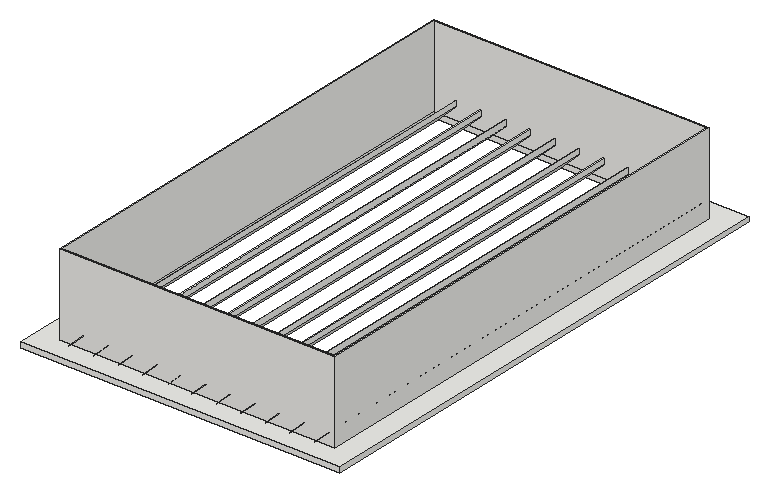
Revit family "MADEL_GRILL_AIR RETURN_FIXED BLADES 45º_DMT", category Terminales de aire, Revit 2015
Parameters (values of type "DMT-AR+CM 500x300")
  n_factor = 29.792  # constant formula
  m_factor = 1.8995  # constant formula
  c_factor = -8.9597  # constant formula
  b_factor = -0.12814  # constant formula
  Width_Connector = L  # 500.0 mm
  SPM-A [instance] = no
  Revit Version = "Revit 2015 - English"  # constant formula
  Review Date = "11/2016"  # constant formula
  Q [instance] = 717.089 m³/h
  Product Type [instance] = Modelo  # "DMT-AR+CM 500x300"
  Product Size = "500x300"
  Product Reference [instance] = if(not(H > L), if(Nº Options = 2, if([(S)], if(SP, "DMT-AR+SP+CM (S)", if(MLL, "DMT-AR+MLL+CM (S)", if([SPM-A], "DMT-AR+SPM-A+CM (S)", if(PFT, "DMT-AR+PFT+CM (S)", "Consult Manufacturer")))), if([(O)], if(SP, "DMT-AR+SP+CM (O)", if(MLL, "DMT-AR+MLL+CM (O)", if([SPM-A], "DMT-AR+SPM-A+CM (O)", if(PFT, "DMT-AR+PFT+CM (O)", "Consult Manufacturer")))), "Consult Manufacturer")), if(Nº Options = 1, if(SP, "DMT-AR+SP+CM", if([(S)], "DMT-AR+CM (S)", if([(O)], "DMT-AR+CM (O)", if(MLL, "DMT-AR+MLL+CM", if([SPM-A], "DMT-AR+SPM-A+CM", if(PFT, "DMT-AR+PFT+CM", "Consult Manufacturer")))))), if(Nº Options = 0, "DMT-AR+CM", "Consult Manufacturer"))), if(Nº Options = 2, if([(S)], if(SP, "EMT-AR+SP+CM (S)", if(MLL, "EMT-AR+MLL+CM (S)", if([SPM-A], "EMT-AR+SPM-A+CM (S)", if(PFT, "EMT-AR+PFT+CM (S)", "Consult Manufacturer")))), if([(O)], if(SP, "EMT-AR+SP+CM (O)", if(MLL, "EMT-AR+MLL+CM (O)", if([SPM-A], "EMT-AR+SPM-A+CM (O)", if(PFT, "EMT-AR+PFT+CM (O)", "Consult Manufacturer")))), "Consult Manufacturer")), if(Nº Options = 1, if(SP, "EMT-AR+SP+CM", if([(S)], "EMT-AR+CM (S)", if([(O)], "EMT-AR+CM (O)", if(MLL, "EMT-AR+MLL+CM", if([SPM-A], "EMT-AR+SPM-A+CM", if(PFT, "EMT-AR+PFT+CM", "Consult Manufacturer")))))), if(Nº Options = 0, "EMT-AR+CM", "Consult Manufacturer"))))  # "DMT-AR+SP+CM (S)"
  PFT [instance] = no
  Nº Options [instance] = if([SPM-A], 1, 0) + if(MLL, 1, 0) + if(PFT, 1, 0) + if(SP, 1, 0) + if([(S)], 1, 0) + if([(O)], 1, 0)  # 2
  Nº Finishes [instance] = if(AA, 1, 0) + if(M9016, 1, 0)  # 1
  Nº  Blades = if(H = 100.0 mm, 3, if(H = 150.0 mm, 5, if(H = 200.0 mm, 7, if(H = 250.0 mm, 9, if(H = 300.0 mm, 11, if(H = 350.0 mm, 13, if(H = 400.0 mm, 15, if(H = 450.0 mm, 17, if(H = 500.0 mm, 19, if(H = 550.0 mm, 21, if(H = 600.0 mm, 23, if(H = 650.0 mm, 25, if(H = 700.0 mm, 27, if(H = 750.0 mm, 29, if(H = 800.0 mm, 31, if(H = 850.0 mm, 33, if(H = 900.0 mm, 35, if(H = 950.0 mm, 37, if(H = 1000.0 mm, 39, 0)))))))))))))))))))  # 11
  N_Graphic lines = (H / 40.0 mm) - (L / 1.0 mm) + (L / 1.0 mm)  # 8
  Vmin = 1.0 m/s  # constant formula
  Vmed = 2.25 m/s  # constant formula
  Vmax = 3.0 m/s  # constant formula
  V[m/s] [instance] = Q / Afree / 1.0 m/s  # 2.25
  URL = "http://www.madel.com/en/producto/dmt-fixed-blades-air-return-grilles/"
  SP [instance] = yes
  RAL [instance] = ""
  Modelo = "DMT-AR+CM 500x300"
  Material and finishes [instance] = if(and(AA, Nº Finishes = 1), "AA", if(and(M9016, Nº Finishes = 1), "M9016", if(Nº Finishes = 0, "Custom RAL", "Consult Manufacturer")))  # "M9016"
  Material Grill = MADEL_M9016
  MLL [instance] = no
  M9016 [instance] = yes
  Lw (dB(A)) [instance] = n_factor * (log([V[m/s]]) / log(2.7183)) + c_factor  # 15.1995
  L3 = L - 15.0 mm  # 485.0 mm
  Height_Connector = H  # 300.0 mm
  H2 = H1 / (N_Graphic lines + 1)  # 31.667 mm
  L1 [instance] = if(SP, 85.0 mm, if(PFT, 43.0 mm, 25.0 mm))  # 85.0 mm
  L = 500.0 mm
  Kf = 0.12678
  Imagen de tipo = <Ninguno>
  IfcExportType = "IfcAirTerminalType"  # constant formula
  IfcExportAs = "IfcAirTerminalType"  # constant formula
  H1 = H - 15.0 mm  # 285.0 mm
  H = 300.0 mm
  Flujo mín. = Vmin * Afree  # 318.706 m³/h
  Flujo máx. = Vmax * Afree  # 956.119 m³/h
  Fabricante = "MADEL"  # constant formula
  Family Version = "1.0"  # constant formula
  Descripción = "MADEL_Fixed blades air return grilles"  # constant formula
  DPt [instance] = (10 ^ (log([V[m/s]]) * m_factor + b_factor)) * 1.0 Pa  # 3.47402 Pa
  Comentarios de tipo = "The DMT series grilles are designed to be used in extractors of cold and hot air. They are mounted on walls or in false ceilings."  # constant formula
  Created by = "BIMETRICAL"  # constant formula
  Blade Lenght = L3 - 6.0 mm  # 479.0 mm
  BIMETRICAL Category = "AirTerminal"  # constant formula
  BIMETRICAL = "http://www.bimetrical.com"  # constant formula
  Afree = 0.0885295 m²
  AA [instance] = no
  (S) [instance] = yes
  (O) [instance] = if([(S)], 1 = 0, 1 = 1)  # no
Reference planes
  plane 1 "Centro (Frontal/Posterior)": z = 0
  plane 2: y = 435
  plane 3 "Centro (Izquierda/Derecha)": x = 0
  plane 4: x = -142.5
  plane 5: x = 142.5
  plane 6: y = 192.5
  plane 7: y = 677.5
  plane 8: z = 85
  plane 9: z = -5
  plane 10: y = 674.5
  plane 11: y = 195.5
  plane 12: x = -139.5
  plane 13: x = 139.5
Forms (mm)
  Extrusion 1, solid, material "MADEL_M9016" <- "Material Grill", detail levels coarse
    sketch origin (0, 435, 5) x (1, 0, 0) y (0, 0, 1)
      loop
        line (142.5, -10) -> (142.5, 80) -> (-142.5, 80) -> (-142.5, -10) -> (142.5, -10)
    from -242.5 to 242.5
  Extrusion 2, solid, material "MADEL_M9016" <- "Material Grill"
    sketch origin (0, -1220, 0) x (1, 0, 0) y (0, 1, 0)
      loop
        line (-166.5, 1388.5) -> (166.5, 1388.5) -> (166.5, 1921.5) -> (-166.5, 1921.5) -> (-166.5, 1388.5)
      loop
        line (-142.5, 1897.5) -> (-142.5, 1412.5) -> (142.5, 1412.5) -> (142.5, 1897.5) -> (-142.5, 1897.5)
    from -5 to 0
  Extrusion 3, solid, material "MADEL_M9016" <- "Material Grill", detail levels medium+fine
    sketch origin (0, 0, 0) x (1, 0, 0) y (0, 1, 0)
      loop
        line (-142.5, 677.5) -> (-142.5, 192.5) -> (142.5, 192.5) -> (142.5, 677.5) -> (-142.5, 677.5)
      loop
        line (143.7, 191.3) -> (143.7, 678.7) -> (-143.7, 678.7) -> (-143.7, 191.3) -> (143.7, 191.3)
    from 0 to 85
Dimensions and locks
  equal spacing: plane 5, plane 3 "Centro (Izquierda/Derecha)", plane 4
  "H1": plane 5 to plane 4
  equal spacing: plane 7, plane 2, plane 6
  "L3": plane 7 to plane 6
  "L1": plane 8 to plane 1 "Centro (Frontal/Posterior)"
  locked: plane 1 "Centro (Frontal/Posterior)" to plane 9 at 5
  "H2": plane 4 to nested 1
  equal spacing: group 1, group 3, group 7, group 10, group 11, group 12, group 13, group 2  (x3)
  "H2": nested 2 to plane 5
  locked: plane 7 to plane 10 at 3
  locked: plane 11 to plane 6 at 3
  locked: plane 13 to plane 5 at 3
  locked: plane 4 to plane 12 at 3
  locked: Extrusion 3 sketch curve to Extrusion 3 sketch curve at 1.2  (x4)
  equal spacing: group 4, group 6, group 8, group 9, group 14, group 15, group 16, group 17, group 18, group 19, group 5  (x3)
  aligned and locked: plane 4 to Extrusion 1 sketch curve
  aligned and locked: Extrusion 1 sketch curve to plane 5
  aligned and locked: plane 8 to Extrusion 1
  aligned and locked: Extrusion 2 sketch curve to plane 7
  aligned and locked: Extrusion 2 sketch curve to plane 6
  aligned and locked: Extrusion 2 sketch curve to plane 4
  aligned and locked: plane 5 to Extrusion 2 sketch curve
  aligned and locked: Extrusion 2 to plane 9
  aligned and locked: Extrusion 2 to plane 1 "Centro (Frontal/Posterior)"
  aligned and locked: Extrusion 1 to plane 6
  aligned and locked: plane 7 to Extrusion 1
  aligned and locked: plane 4 to Extrusion 3 sketch curve
  aligned and locked: Extrusion 3 sketch curve to plane 7
  aligned and locked: plane 6 to Extrusion 3 sketch curve
  aligned and locked: plane 1 "Centro (Frontal/Posterior)" to Extrusion 3
  aligned and locked: plane 8 to Extrusion 3
  aligned and locked: Extrusion 3 sketch curve to plane 5
  aligned and locked: plane 12 to nested 4
  aligned and locked: plane 13 to nested 5
Automatic sketch dimensions
  Extrusion 1 sketch curve to plane 8 = 0.0 mm
  Extrusion 1 sketch curve to level = 5.0 mm
  plane 7 to Extrusion 2 sketch curve = 24.0 mm
  Extrusion 2 sketch curve to plane 4 = 24.0 mm
  plane 5 to Extrusion 2 sketch curve = 24.0 mm
  Extrusion 2 sketch curve to plane 6 = 24.0 mm
  Extrusion 3 sketch curve to plane 6 = 0.0 mm
Nested families
  nested 1: "Grafismo Rejilla" at (-110.833, 435, 0) x (0, 1, 0) z (0, 0, 1), LL <- "L3", type "Linea"
    with LL 485.0 mm
  nested 2: "Grafismo Rejilla" at (110.833, 435, 0) x (0, 1, 0) z (0, 0, 1), LL <- "L3", type "Linea"
    with LL 485.0 mm
  nested 3: "Grafismo Rejilla" at (-79.167, 435, 0) x (0, 1, 0) z (0, 0, 1), LL <- "L3", type "Linea"
    with LL 485.0 mm
  nested 4: "MADEL_ALETA FIJA 45º" at (-139.5, 435, -5) x (0, 1, 0) z (0, 0, 1), Material Aletas <- "Material Grill", Longitud Aleta <- "Blade Lenght", type "MADEL_ALETA FIJA 45º", detail levels medium+fine
    with Material Aletas MADEL_M9016, Longitud Aleta 479.0 mm
  nested 5: "MADEL_ALETA FIJA 45º" at (116.5, 435, -5) x (0, 1, 0) z (0, 0, 1), Material Aletas <- "Material Grill", Longitud Aleta <- "Blade Lenght", type "MADEL_ALETA FIJA 45º", detail levels medium+fine
    with Material Aletas MADEL_M9016, Longitud Aleta 479.0 mm
  nested 6: "MADEL_ALETA FIJA 45º" at (-113.9, 435, -5) x (0, 1, 0) z (0, 0, 1), Material Aletas <- "Material Grill", Longitud Aleta <- "Blade Lenght", type "MADEL_ALETA FIJA 45º", detail levels medium+fine
    with Material Aletas MADEL_M9016, Longitud Aleta 479.0 mm
  nested 7: "Grafismo Rejilla" at (-47.5, 435, 0) x (0, 1, 0) z (0, 0, 1), LL <- "L3", type "Linea"
    with LL 485.0 mm
  nested 8: "MADEL_ALETA FIJA 45º" at (-88.3, 435, -5) x (0, 1, 0) z (0, 0, 1), Material Aletas <- "Material Grill", Longitud Aleta <- "Blade Lenght", type "MADEL_ALETA FIJA 45º", detail levels medium+fine
    with Material Aletas MADEL_M9016, Longitud Aleta 479.0 mm
  nested 9: "MADEL_ALETA FIJA 45º" at (-62.7, 435, -5) x (0, 1, 0) z (0, 0, 1), Material Aletas <- "Material Grill", Longitud Aleta <- "Blade Lenght", type "MADEL_ALETA FIJA 45º", detail levels medium+fine
    with Material Aletas MADEL_M9016, Longitud Aleta 479.0 mm
  nested 10: "Grafismo Rejilla" at (-15.833, 435, 0) x (0, 1, 0) z (0, 0, 1), LL <- "L3", type "Linea"
    with LL 485.0 mm
  nested 11: "Grafismo Rejilla" at (15.833, 435, 0) x (0, 1, 0) z (0, 0, 1), LL <- "L3", type "Linea"
    with LL 485.0 mm
  nested 12: "Grafismo Rejilla" at (47.5, 435, 0) x (0, 1, 0) z (0, 0, 1), LL <- "L3", type "Linea"
    with LL 485.0 mm
  nested 13: "Grafismo Rejilla" at (79.167, 435, 0) x (0, 1, 0) z (0, 0, 1), LL <- "L3", type "Linea"
    with LL 485.0 mm
  nested 14: "MADEL_ALETA FIJA 45º" at (-37.1, 435, -5) x (0, 1, 0) z (0, 0, 1), Material Aletas <- "Material Grill", Longitud Aleta <- "Blade Lenght", type "MADEL_ALETA FIJA 45º", detail levels medium+fine
    with Material Aletas MADEL_M9016, Longitud Aleta 479.0 mm
  nested 15: "MADEL_ALETA FIJA 45º" at (-11.5, 435, -5) x (0, 1, 0) z (0, 0, 1), Material Aletas <- "Material Grill", Longitud Aleta <- "Blade Lenght", type "MADEL_ALETA FIJA 45º", detail levels medium+fine
    with Material Aletas MADEL_M9016, Longitud Aleta 479.0 mm
  nested 16: "MADEL_ALETA FIJA 45º" at (14.1, 435, -5) x (0, 1, 0) z (0, 0, 1), Material Aletas <- "Material Grill", Longitud Aleta <- "Blade Lenght", type "MADEL_ALETA FIJA 45º", detail levels medium+fine
    with Material Aletas MADEL_M9016, Longitud Aleta 479.0 mm
  nested 17: "MADEL_ALETA FIJA 45º" at (39.7, 435, -5) x (0, 1, 0) z (0, 0, 1), Material Aletas <- "Material Grill", Longitud Aleta <- "Blade Lenght", type "MADEL_ALETA FIJA 45º", detail levels medium+fine
    with Material Aletas MADEL_M9016, Longitud Aleta 479.0 mm
  nested 18: "MADEL_ALETA FIJA 45º" at (65.3, 435, -5) x (0, 1, 0) z (0, 0, 1), Material Aletas <- "Material Grill", Longitud Aleta <- "Blade Lenght", type "MADEL_ALETA FIJA 45º", detail levels medium+fine
    with Material Aletas MADEL_M9016, Longitud Aleta 479.0 mm
  nested 19: "MADEL_ALETA FIJA 45º" at (90.9, 435, -5) x (0, 1, 0) z (0, 0, 1), Material Aletas <- "Material Grill", Longitud Aleta <- "Blade Lenght", type "MADEL_ALETA FIJA 45º", detail levels medium+fine
    with Material Aletas MADEL_M9016, Longitud Aleta 479.0 mm
Connectors
  hvac at (0, 435, 0), driven by "Height_Connector", driven by "Width_Connector", driven by "DPt", driven by "Q"
    settings: on Extrusion 2, index 1, duct flow 717.089 m³/h, flow factor 0, pres drop 3.47402 Pa, loss coef 0, conn angle 0.00°, conn width 500 mm, conn height 300 mm, conn diameter 609.6 mm, duct sys type 29, conn prof type 1, flow config 1, flow direction 2, loss method 4, conn ref index -1, conn util no, is conn primary yes, conn desc ""
Definition of nested family "MADEL_ALETA FIJA 45º"
  Parameters (values of type "MADEL_ALETA FIJA 45º")
    Material Aletas [instance] = none
    Longitud Aleta [instance] = 1000.0 mm
  Reference planes
    plane 1 "Centro (Frontal/Posterior)": y = 0
    plane 2: z = 0
    plane 3 "Centro (Izquierda/Derecha)": x = 0
    plane 4: x = -500
    plane 5: x = 500
  Forms (mm)
    Extrusion 1, solid, material <- "Material Aletas"
      sketch origin (0, 6.801, -8.972) x (0, 1, 0) y (0, 0, 1)
        loop
          line (-6.801, 8.972) -> (-6.801, 10.172) -> (-8.813, 10.172) -> (-13.27, 14.52)
          arc (-13.27, 14.52) -> (-13.288, 15.935) -> (-14.702, 15.917) r 1
          line (-14.702, 15.917) -> (-27.534, 28.436)
          arc (-27.534, 28.436) -> (-27.412, 29.681) -> (-28.601, 30.071) r 1
          line (-28.601, 30.071) -> (-28.601, 31.972) -> (-28.97, 34.972) -> (-29.801, 34.972) -> (-29.801, 28.972) -> (-9.301, 8.972) -> (-6.801, 8.972)
      from -500 to 500
  Dimensions and locks
    equal spacing: plane 4, plane 3 "Centro (Izquierda/Derecha)", plane 5
    "Longitud Aleta": plane 4 to plane 5
    aligned and locked: level to plane 2
    aligned and locked: Extrusion 1 to plane 4
    aligned and locked: plane 5 to Extrusion 1
  Automatic sketch dimensions
    plane 1 "Centro (Frontal/Posterior)" to Extrusion 1 sketch curve = 23.0 mm
    Extrusion 1 sketch curve to Extrusion 1 sketch curve = 1.2 mm  (x2)
    Extrusion 1 sketch curve to Extrusion 1 sketch curve = 0.352 mm
    Extrusion 1 sketch curve to Extrusion 1 sketch curve = 0.716 mm  (x3)
    plane 1 "Centro (Frontal/Posterior)" to Extrusion 1 sketch curve = 7.9 mm
    Extrusion 1 sketch curve to Extrusion 1 sketch curve = 3.969 mm
    Extrusion 1 sketch curve to Extrusion 1 sketch curve = 0.488 mm
    Extrusion 1 sketch curve to Extrusion 1 sketch curve = 2.012 mm
    level to Extrusion 1 sketch curve = 0.0 mm
    Extrusion 1 sketch curve to Extrusion 1 sketch curve = 4.348 mm
    Extrusion 1 sketch curve to Extrusion 1 sketch curve = 0.698 mm  (x2)
    Extrusion 1 sketch curve to Extrusion 1 sketch curve = 12.519 mm
    Extrusion 1 sketch curve to Extrusion 1 sketch curve = 0.536 mm
    Extrusion 1 sketch curve to Extrusion 1 sketch curve = 1.901 mm
    Extrusion 1 sketch curve to Extrusion 1 sketch curve = 0.832 mm
    Extrusion 1 sketch curve to Extrusion 1 sketch curve = 3.0 mm
Definition of nested family "Grafismo Rejilla"
  Parameters (values of type "Linea")
    LL [instance] = 1500.0 mm
  Reference planes
    plane 1 "Centro (Frontal/Posterior)": y = 0
    plane 2: z = 0
    plane 3 "Centro (Izquierda/Derecha)": x = 0
  Lines and regions (mm)
    symbolic lines
      curve 1: line (-750, 0, 0) -> (750, 0, 0)
  Dimensions and locks
    "LL": curve 1 to curve 1
    equal spacing: curve 1, plane 3 "Centro (Izquierda/Derecha)", curve 1
    aligned and locked: level to plane 2
  Automatic sketch dimensions
    plane 1 "Centro (Frontal/Posterior)" to curve 1 = 0.0 mm
Types (224, lengths in mm): name | Width_Connector | Q | Product Type | Product Size | Product Reference | Nº  Blades | N_Graphic lines | Modelo | L3 | Height_Connector | H2 | L | Kf | H1 | H | Flujo mín. | Flujo máx. | Blade Lenght | Afree
  DMT-AR+CM 1200x1000 | 1200.0 | 1040.34 m³/h | "DMT-AR+CM 1200x1000" | "1200x1000" | "DMT-AR+SP+CM (S)" | 39 | 25 | "DMT-AR+CM 1200x1000" | 1185.0 | 1000.0 | 37.885 | 1200.0 | 1.7356 | 985.0 | 1000.0 | 462.373 m³/h | 1387.12 m³/h | 1179.0 | 0.128437 m²
  DMT-AR+CM 1200x900 | 1200.0 | 5437.59 m³/h | "DMT-AR+CM 1200x900" | "1200x900" | "DMT-AR+SP+CM (S)" | 35 | 23 | "DMT-AR+CM 1200x900" | 1185.0 | 900.0 | 36.875 | 1200.0 | 8.8859 | 885.0 | 900.0 | 2416.71 m³/h | 7250.12 m³/h | 1179.0 | 0.671307 m²
  DMT-AR+CM 1200x800 | 1200.0 | 4823.09 m³/h | "DMT-AR+CM 1200x800" | "1200x800" | "DMT-AR+SP+CM (S)" | 31 | 20 | "DMT-AR+CM 1200x800" | 1185.0 | 800.0 | 37.381 | 1200.0 | 8.3674 | 785.0 | 800.0 | 2143.59 m³/h | 6430.78 m³/h | 1179.0 | 0.595443 m²
  DMT-AR+CM 1200x700 | 1200.0 | 4208.59 m³/h | "DMT-AR+CM 1200x700" | "1200x700" | "DMT-AR+SP+CM (S)" | 27 | 18 | "DMT-AR+CM 1200x700" | 1185.0 | 700.0 | 36.053 | 1200.0 | 7.7782 | 685.0 | 700.0 | 1870.48 m³/h | 5611.45 m³/h | 1179.0 | 0.519579 m²
  DMT-AR+CM 1200x600 | 1200.0 | 3594.09 m³/h | "DMT-AR+CM 1200x600" | "1200x600" | "DMT-AR+SP+CM (S)" | 23 | 15 | "DMT-AR+CM 1200x600" | 1185.0 | 600.0 | 36.563 | 1200.0 | 7.0958 | 585.0 | 600.0 | 1597.37 m³/h | 4792.12 m³/h | 1179.0 | 0.443714 m²
  DMT-AR+CM 1200x500 | 1200.0 | 2979.59 m³/h | "DMT-AR+CM 1200x500" | "1200x500" | "DMT-AR+SP+CM (S)" | 19 | 13 | "DMT-AR+CM 1200x500" | 1185.0 | 500.0 | 34.643 | 1200.0 | 6.2851 | 485.0 | 500.0 | 1324.26 m³/h | 3972.78 m³/h | 1179.0 | 0.36785 m²
  DMT-AR+CM 1200x450 | 1200.0 | 2672.34 m³/h | "DMT-AR+CM 1200x450" | "1200x450" | "DMT-AR+SP+CM (S)" | 17 | 11 | "DMT-AR+CM 1200x450" | 1185.0 | 450.0 | 36.25 | 1200.0 | 5.8145 | 435.0 | 450.0 | 1187.7 m³/h | 3563.11 m³/h | 1179.0 | 0.329918 m²
  DMT-AR+CM 1200x400 | 1200.0 | 2365.09 m³/h | "DMT-AR+CM 1200x400" | "1200x400" | "DMT-AR+SP+CM (S)" | 15 | 10 | "DMT-AR+CM 1200x400" | 1185.0 | 400.0 | 35.0 | 1200.0 | 5.2864 | 385.0 | 400.0 | 1051.15 m³/h | 3153.45 m³/h | 1179.0 | 0.291986 m²
  DMT-AR+CM 1200x350 | 1200.0 | 2057.84 m³/h | "DMT-AR+CM 1200x350" | "1200x350" | "DMT-AR+SP+CM (S)" | 13 | 9 | "DMT-AR+CM 1200x350" | 1185.0 | 350.0 | 33.5 | 1200.0 | 4.6848 | 335.0 | 350.0 | 914.594 m³/h | 2743.78 m³/h | 1179.0 | 0.254054 m²
  DMT-AR+CM 1200x300 | 1200.0 | 1750.59 m³/h | "DMT-AR+CM 1200x300" | "1200x300" | "DMT-AR+SP+CM (S)" | 11 | 8 | "DMT-AR+CM 1200x300" | 1185.0 | 300.0 | 31.667 | 1200.0 | 3.9856 | 285.0 | 300.0 | 778.038 m³/h | 2334.11 m³/h | 1179.0 | 0.216122 m²
  DMT-AR+CM 1200x250 | 1200.0 | 1443.34 m³/h | "DMT-AR+CM 1200x250" | "1200x250" | "DMT-AR+SP+CM (S)" | 9 | 6 | "DMT-AR+CM 1200x250" | 1185.0 | 250.0 | 33.571 | 1200.0 | 3.1512 | 235.0 | 250.0 | 641.482 m³/h | 1924.45 m³/h | 1179.0 | 0.17819 m²
  DMT-AR+CM 1200x200 | 1200.0 | 1136.09 m³/h | "DMT-AR+CM 1200x200" | "1200x200" | "DMT-AR+SP+CM (S)" | 7 | 5 | "DMT-AR+CM 1200x200" | 1185.0 | 200.0 | 30.833 | 1200.0 | 2.1163 | 185.0 | 200.0 | 504.927 m³/h | 1514.78 m³/h | 1179.0 | 0.140257 m²
  DMT-AR+CM 1200x150 | 1200.0 | 828.835 m³/h | "DMT-AR+CM 1200x150" | "1200x150" | "DMT-AR+SP+CM (S)" | 5 | 4 | "DMT-AR+CM 1200x150" | 1185.0 | 150.0 | 27.0 | 1200.0 | 0.75293 | 135.0 | 150.0 | 368.371 m³/h | 1105.11 m³/h | 1179.0 | 0.102325 m²
  DMT-AR+CM 1200x100 | 1200.0 | 521.585 m³/h | "DMT-AR+CM 1200x100" | "1200x100" | "DMT-AR+SP+CM (S)" | 3 | 3 | "DMT-AR+CM 1200x100" | 1185.0 | 100.0 | 21.25 | 1200.0 | -1.2495 | 85.0 | 100.0 | 231.815 m³/h | 695.446 m³/h | 1179.0 | 0.0643932 m²
  DMT-AR+CM 1100x1000 | 1100.0 | 5541.17 m³/h | "DMT-AR+CM 1100x1000" | "1100x1000" | "DMT-AR+SP+CM (S)" | 39 | 25 | "DMT-AR+CM 1100x1000" | 1085.0 | 1000.0 | 37.885 | 1100.0 | 8.9675 | 985.0 | 1000.0 | 2462.74 m³/h | 7388.22 m³/h | 1079.0 | 0.684095 m²
  DMT-AR+CM 1100x900 | 1100.0 | 4978.56 m³/h | "DMT-AR+CM 1100x900" | "1100x900" | "DMT-AR+SP+CM (S)" | 35 | 23 | "DMT-AR+CM 1100x900" | 1085.0 | 900.0 | 36.875 | 1100.0 | 8.5046 | 885.0 | 900.0 | 2212.69 m³/h | 6638.08 m³/h | 1079.0 | 0.614637 m²
  DMT-AR+CM 1100x800 | 1100.0 | 4415.96 m³/h | "DMT-AR+CM 1100x800" | "1100x800" | "DMT-AR+SP+CM (S)" | 31 | 20 | "DMT-AR+CM 1100x800" | 1085.0 | 800.0 | 37.381 | 1100.0 | 7.9861 | 785.0 | 800.0 | 1962.65 m³/h | 5887.95 m³/h | 1079.0 | 0.54518 m²
  DMT-AR+CM 1100x700 | 1100.0 | 3853.36 m³/h | "DMT-AR+CM 1100x700" | "1100x700" | "DMT-AR+SP+CM (S)" | 27 | 18 | "DMT-AR+CM 1100x700" | 1085.0 | 700.0 | 36.053 | 1100.0 | 7.3969 | 685.0 | 700.0 | 1712.6 m³/h | 5137.81 m³/h | 1079.0 | 0.475723 m²
  DMT-AR+CM 1100x600 | 1100.0 | 3290.75 m³/h | "DMT-AR+CM 1100x600" | "1100x600" | "DMT-AR+SP+CM (S)" | 23 | 15 | "DMT-AR+CM 1100x600" | 1085.0 | 600.0 | 36.563 | 1100.0 | 6.7145 | 585.0 | 600.0 | 1462.56 m³/h | 4387.67 m³/h | 1079.0 | 0.406266 m²
  DMT-AR+CM 1100x500 | 1100.0 | 2728.15 m³/h | "DMT-AR+CM 1100x500" | "1100x500" | "DMT-AR+SP+CM (S)" | 19 | 13 | "DMT-AR+CM 1100x500" | 1085.0 | 500.0 | 34.643 | 1100.0 | 5.9039 | 485.0 | 500.0 | 1212.51 m³/h | 3637.53 m³/h | 1079.0 | 0.336809 m²
  DMT-AR+CM 1100x450 | 1100.0 | 2446.85 m³/h | "DMT-AR+CM 1100x450" | "1100x450" | "DMT-AR+SP+CM (S)" | 17 | 11 | "DMT-AR+CM 1100x450" | 1085.0 | 450.0 | 36.25 | 1100.0 | 5.4334 | 435.0 | 450.0 | 1087.49 m³/h | 3262.46 m³/h | 1079.0 | 0.30208 m²
  DMT-AR+CM 1100x400 | 1100.0 | 2165.55 m³/h | "DMT-AR+CM 1100x400" | "1100x400" | "DMT-AR+SP+CM (S)" | 15 | 10 | "DMT-AR+CM 1100x400" | 1085.0 | 400.0 | 35.0 | 1100.0 | 4.9053 | 385.0 | 400.0 | 962.465 m³/h | 2887.4 m³/h | 1079.0 | 0.267351 m²
  DMT-AR+CM 1100x350 | 1100.0 | 1884.24 m³/h | "DMT-AR+CM 1100x350" | "1100x350" | "DMT-AR+SP+CM (S)" | 13 | 9 | "DMT-AR+CM 1100x350" | 1085.0 | 350.0 | 33.5 | 1100.0 | 4.3037 | 335.0 | 350.0 | 837.442 m³/h | 2512.33 m³/h | 1079.0 | 0.232623 m²
  DMT-AR+CM 1100x300 | 1100.0 | 1602.94 m³/h | "DMT-AR+CM 1100x300" | "1100x300" | "DMT-AR+SP+CM (S)" | 11 | 8 | "DMT-AR+CM 1100x300" | 1085.0 | 300.0 | 31.667 | 1100.0 | 3.6047 | 285.0 | 300.0 | 712.419 m³/h | 2137.26 m³/h | 1079.0 | 0.197894 m²
  DMT-AR+CM 1100x250 | 1100.0 | 1321.64 m³/h | "DMT-AR+CM 1100x250" | "1100x250" | "DMT-AR+SP+CM (S)" | 9 | 6 | "DMT-AR+CM 1100x250" | 1085.0 | 250.0 | 33.571 | 1100.0 | 2.7704 | 235.0 | 250.0 | 587.396 m³/h | 1762.19 m³/h | 1079.0 | 0.163166 m²
  DMT-AR+CM 1100x200 | 1100.0 | 1040.34 m³/h | "DMT-AR+CM 1100x200" | "1100x200" | "DMT-AR+SP+CM (S)" | 7 | 5 | "DMT-AR+CM 1100x200" | 1085.0 | 200.0 | 30.833 | 1100.0 | 1.7356 | 185.0 | 200.0 | 462.373 m³/h | 1387.12 m³/h | 1079.0 | 0.128437 m²
  DMT-AR+CM 1100x150 | 1100.0 | 759.038 m³/h | "DMT-AR+CM 1100x150" | "1100x150" | "DMT-AR+SP+CM (S)" | 5 | 4 | "DMT-AR+CM 1100x150" | 1085.0 | 150.0 | 27.0 | 1100.0 | 0.37259 | 135.0 | 150.0 | 337.35 m³/h | 1012.05 m³/h | 1079.0 | 0.0937084 m²
  DMT-AR+CM 1100x100 | 1100.0 | 477.737 m³/h | "DMT-AR+CM 1100x100" | "1100x100" | "DMT-AR+SP+CM (S)" | 3 | 3 | "DMT-AR+CM 1100x100" | 1085.0 | 100.0 | 21.25 | 1100.0 | -1.6292 | 85.0 | 100.0 | 212.327 m³/h | 636.982 m³/h | 1079.0 | 0.0589798 m²
  DMT-AR+CM 1000x1000 | 1000.0 | 5030.24 m³/h | "DMT-AR+CM 1000x1000" | "1000x1000" | "DMT-AR+SP+CM (S)" | 39 | 25 | "DMT-AR+CM 1000x1000" | 985.0 | 1000.0 | 37.885 | 1000.0 | 8.5493 | 985.0 | 1000.0 | 2235.66 m³/h | 6706.99 m³/h | 979.0 | 0.621018 m²
  DMT-AR+CM 1000x900 | 1000.0 | 4519.54 m³/h | "DMT-AR+CM 1000x900" | "1000x900" | "DMT-AR+SP+CM (S)" | 35 | 23 | "DMT-AR+CM 1000x900" | 985.0 | 900.0 | 36.875 | 1000.0 | 8.0864 | 885.0 | 900.0 | 2008.68 m³/h | 6026.05 m³/h | 979.0 | 0.557968 m²
  DMT-AR+CM 1000x800 | 1000.0 | 4008.83 m³/h | "DMT-AR+CM 1000x800" | "1000x800" | "DMT-AR+SP+CM (S)" | 31 | 20 | "DMT-AR+CM 1000x800" | 985.0 | 800.0 | 37.381 | 1000.0 | 7.5679 | 785.0 | 800.0 | 1781.7 m³/h | 5345.11 m³/h | 979.0 | 0.494917 m²
  DMT-AR+CM 1000x700 | 1000.0 | 3498.12 m³/h | "DMT-AR+CM 1000x700" | "1000x700" | "DMT-AR+SP+CM (S)" | 27 | 18 | "DMT-AR+CM 1000x700" | 985.0 | 700.0 | 36.053 | 1000.0 | 6.9787 | 685.0 | 700.0 | 1554.72 m³/h | 4664.17 m³/h | 979.0 | 0.431867 m²
  DMT-AR+CM 1000x600 | 1000.0 | 2987.42 m³/h | "DMT-AR+CM 1000x600" | "1000x600" | "DMT-AR+SP+CM (S)" | 23 | 15 | "DMT-AR+CM 1000x600" | 985.0 | 600.0 | 36.563 | 1000.0 | 6.2964 | 585.0 | 600.0 | 1327.74 m³/h | 3983.23 m³/h | 979.0 | 0.368817 m²
  DMT-AR+CM 1000x500 | 1000.0 | 2476.71 m³/h | "DMT-AR+CM 1000x500" | "1000x500" | "DMT-AR+SP+CM (S)" | 19 | 13 | "DMT-AR+CM 1000x500" | 985.0 | 500.0 | 34.643 | 1000.0 | 5.4858 | 485.0 | 500.0 | 1100.76 m³/h | 3302.28 m³/h | 979.0 | 0.305767 m²
  DMT-AR+CM 1000x450 | 1000.0 | 2221.36 m³/h | "DMT-AR+CM 1000x450" | "1000x450" | "DMT-AR+SP+CM (S)" | 17 | 11 | "DMT-AR+CM 1000x450" | 985.0 | 450.0 | 36.25 | 1000.0 | 5.0154 | 435.0 | 450.0 | 987.271 m³/h | 2961.81 m³/h | 979.0 | 0.274242 m²
  DMT-AR+CM 1000x400 | 1000.0 | 1966.01 m³/h | "DMT-AR+CM 1000x400" | "1000x400" | "DMT-AR+SP+CM (S)" | 15 | 10 | "DMT-AR+CM 1000x400" | 985.0 | 400.0 | 35.0 | 1000.0 | 4.4874 | 385.0 | 400.0 | 873.781 m³/h | 2621.34 m³/h | 979.0 | 0.242717 m²
  DMT-AR+CM 1000x350 | 1000.0 | 1710.65 m³/h | "DMT-AR+CM 1000x350" | "1000x350" | "DMT-AR+SP+CM (S)" | 13 | 9 | "DMT-AR+CM 1000x350" | 985.0 | 350.0 | 33.5 | 1000.0 | 3.8859 | 335.0 | 350.0 | 760.291 m³/h | 2280.87 m³/h | 979.0 | 0.211192 m²
  DMT-AR+CM 1000x300 | 1000.0 | 1455.3 m³/h | "DMT-AR+CM 1000x300" | "1000x300" | "DMT-AR+SP+CM (S)" | 11 | 8 | "DMT-AR+CM 1000x300" | 985.0 | 300.0 | 31.667 | 1000.0 | 3.1869 | 285.0 | 300.0 | 646.8 m³/h | 1940.4 m³/h | 979.0 | 0.179667 m²
  DMT-AR+CM 1000x250 | 1000.0 | 1199.95 m³/h | "DMT-AR+CM 1000x250" | "1000x250" | "DMT-AR+SP+CM (S)" | 9 | 6 | "DMT-AR+CM 1000x250" | 985.0 | 250.0 | 33.571 | 1000.0 | 2.3527 | 235.0 | 250.0 | 533.31 m³/h | 1599.93 m³/h | 979.0 | 0.148142 m²
  DMT-AR+CM 1000x200 | 1000.0 | 944.595 m³/h | "DMT-AR+CM 1000x200" | "1000x200" | "DMT-AR+SP+CM (S)" | 7 | 5 | "DMT-AR+CM 1000x200" | 985.0 | 200.0 | 30.833 | 1000.0 | 1.3182 | 185.0 | 200.0 | 419.82 m³/h | 1259.46 m³/h | 979.0 | 0.116617 m²
  DMT-AR+CM 1000x150 | 1000.0 | 689.242 m³/h | "DMT-AR+CM 1000x150" | "1000x150" | "DMT-AR+SP+CM (S)" | 5 | 4 | "DMT-AR+CM 1000x150" | 985.0 | 150.0 | 27.0 | 1000.0 | -0.044469 | 135.0 | 150.0 | 306.33 m³/h | 918.989 m³/h | 979.0 | 0.0850916 m²
  DMT-AR+CM 1000x100 | 1000.0 | 433.889 m³/h | "DMT-AR+CM 1000x100" | "1000x100" | "DMT-AR+SP+CM (S)" | 3 | 3 | "DMT-AR+CM 1000x100" | 985.0 | 100.0 | 21.25 | 1000.0 | -2.0454 | 85.0 | 100.0 | 192.839 m³/h | 578.518 m³/h | 979.0 | 0.0535665 m²
  EMT-AR+CM 1000x900 | 900.0 | 4519.32 m³/h | "EMT-AR+CM 1000x900" | "900x1000" | "EMT-AR+SP+CM (S)" | 39 | 25 | "EMT-AR+CM 1000x900" | 885.0 | 1000.0 | 37.885 | 900.0 | 8.0862 | 985.0 | 1000.0 | 2008.59 m³/h | 6025.76 m³/h | 879.0 | 0.557941 m²
  DMT-AR+CM 900x900 | 900.0 | 4060.51 m³/h | "DMT-AR+CM 900x900" | "900x900" | "DMT-AR+SP+CM (S)" | 35 | 23 | "DMT-AR+CM 900x900" | 885.0 | 900.0 | 36.875 | 900.0 | 7.6233 | 885.0 | 900.0 | 1804.67 m³/h | 5414.02 m³/h | 879.0 | 0.501298 m²
  DMT-AR+CM 900x800 | 900.0 | 3601.7 m³/h | "DMT-AR+CM 900x800" | "900x800" | "DMT-AR+SP+CM (S)" | 31 | 20 | "DMT-AR+CM 900x800" | 885.0 | 800.0 | 37.381 | 900.0 | 7.1049 | 785.0 | 800.0 | 1600.76 m³/h | 4802.27 m³/h | 879.0 | 0.444655 m²
  DMT-AR+CM 900x700 | 900.0 | 3142.89 m³/h | "DMT-AR+CM 900x700" | "900x700" | "DMT-AR+SP+CM (S)" | 27 | 18 | "DMT-AR+CM 900x700" | 885.0 | 700.0 | 36.053 | 900.0 | 6.5158 | 685.0 | 700.0 | 1396.84 m³/h | 4190.53 m³/h | 879.0 | 0.388012 m²
  DMT-AR+CM 900x600 | 900.0 | 2684.09 m³/h | "DMT-AR+CM 900x600" | "900x600" | "DMT-AR+SP+CM (S)" | 23 | 15 | "DMT-AR+CM 900x600" | 885.0 | 600.0 | 36.563 | 900.0 | 5.8335 | 585.0 | 600.0 | 1192.93 m³/h | 3578.78 m³/h | 879.0 | 0.331369 m²
  DMT-AR+CM 900x500 | 900.0 | 2225.28 m³/h | "DMT-AR+CM 900x500" | "900x500" | "DMT-AR+SP+CM (S)" | 19 | 13 | "DMT-AR+CM 900x500" | 885.0 | 500.0 | 34.643 | 900.0 | 5.023 | 485.0 | 500.0 | 989.012 m³/h | 2967.03 m³/h | 879.0 | 0.274725 m²
  DMT-AR+CM 900x450 | 900.0 | 1995.87 m³/h | "DMT-AR+CM 900x450" | "900x450" | "DMT-AR+SP+CM (S)" | 17 | 11 | "DMT-AR+CM 900x450" | 885.0 | 450.0 | 36.25 | 900.0 | 4.5526 | 435.0 | 450.0 | 887.054 m³/h | 2661.16 m³/h | 879.0 | 0.246404 m²
  DMT-AR+CM 900x400 | 900.0 | 1766.47 m³/h | "DMT-AR+CM 900x400" | "900x400" | "DMT-AR+SP+CM (S)" | 15 | 10 | "DMT-AR+CM 900x400" | 885.0 | 400.0 | 35.0 | 900.0 | 4.0247 | 385.0 | 400.0 | 785.097 m³/h | 2355.29 m³/h | 879.0 | 0.218082 m²
  DMT-AR+CM 900x350 | 900.0 | 1537.06 m³/h | "DMT-AR+CM 900x350" | "900x350" | "DMT-AR+SP+CM (S)" | 13 | 9 | "DMT-AR+CM 900x350" | 885.0 | 350.0 | 33.5 | 900.0 | 3.4232 | 335.0 | 350.0 | 683.139 m³/h | 2049.42 m³/h | 879.0 | 0.189761 m²
  DMT-AR+CM 900x300 | 900.0 | 1307.66 m³/h | "DMT-AR+CM 900x300" | "900x300" | "DMT-AR+SP+CM (S)" | 11 | 8 | "DMT-AR+CM 900x300" | 885.0 | 300.0 | 31.667 | 900.0 | 2.7244 | 285.0 | 300.0 | 581.182 m³/h | 1743.54 m³/h | 879.0 | 0.161439 m²
  DMT-AR+CM 900x250 | 900.0 | 1078.25 m³/h | "DMT-AR+CM 900x250" | "900x250" | "DMT-AR+SP+CM (S)" | 9 | 6 | "DMT-AR+CM 900x250" | 885.0 | 250.0 | 33.571 | 900.0 | 1.8904 | 235.0 | 250.0 | 479.224 m³/h | 1437.67 m³/h | 879.0 | 0.133118 m²
  DMT-AR+CM 900x200 | 900.0 | 848.85 m³/h | "DMT-AR+CM 900x200" | "900x200" | "DMT-AR+SP+CM (S)" | 7 | 5 | "DMT-AR+CM 900x200" | 885.0 | 200.0 | 30.833 | 900.0 | 0.85609 | 185.0 | 200.0 | 377.266 m³/h | 1131.8 m³/h | 879.0 | 0.104796 m²
  DMT-AR+CM 900x150 | 900.0 | 619.445 m³/h | "DMT-AR+CM 900x150" | "900x150" | "DMT-AR+SP+CM (S)" | 5 | 4 | "DMT-AR+CM 900x150" | 885.0 | 150.0 | 27.0 | 900.0 | -0.50609 | 135.0 | 150.0 | 275.309 m³/h | 825.927 m³/h | 879.0 | 0.0764747 m²
  DMT-AR+CM 900x100 | 900.0 | 390.041 m³/h | "DMT-AR+CM 900x100" | "900x100" | "DMT-AR+SP+CM (S)" | 3 | 3 | "DMT-AR+CM 900x100" | 885.0 | 100.0 | 21.25 | 900.0 | -2.5061 | 85.0 | 100.0 | 173.351 m³/h | 520.054 m³/h | 879.0 | 0.0481532 m²
  EMT-AR+CM 1000x800 | 800.0 | 4008.4 m³/h | "EMT-AR+CM 1000x800" | "800x1000" | "EMT-AR+SP+CM (S)" | 39 | 25 | "EMT-AR+CM 1000x800" | 785.0 | 1000.0 | 37.885 | 800.0 | 7.5675 | 985.0 | 1000.0 | 1781.51 m³/h | 5344.53 m³/h | 779.0 | 0.494864 m²
  EMT-AR+CM 900x800 | 800.0 | 3601.49 m³/h | "EMT-AR+CM 900x800" | "800x900" | "EMT-AR+SP+CM (S)" | 35 | 23 | "EMT-AR+CM 900x800" | 785.0 | 900.0 | 36.875 | 800.0 | 7.1046 | 885.0 | 900.0 | 1600.66 m³/h | 4801.98 m³/h | 779.0 | 0.444628 m²
  DMT-AR+CM 800x800 | 800.0 | 3194.57 m³/h | "DMT-AR+CM 800x800" | "800x800" | "DMT-AR+SP+CM (S)" | 31 | 20 | "DMT-AR+CM 800x800" | 785.0 | 800.0 | 37.381 | 800.0 | 6.5863 | 785.0 | 800.0 | 1419.81 m³/h | 4259.43 m³/h | 779.0 | 0.394392 m²
  DMT-AR+CM 800x700 | 800.0 | 2787.66 m³/h | "DMT-AR+CM 800x700" | "800x700" | "DMT-AR+SP+CM (S)" | 27 | 18 | "DMT-AR+CM 800x700" | 785.0 | 700.0 | 36.053 | 800.0 | 5.9972 | 685.0 | 700.0 | 1238.96 m³/h | 3716.88 m³/h | 779.0 | 0.344156 m²
  DMT-AR+CM 800x600 | 800.0 | 2380.75 m³/h | "DMT-AR+CM 800x600" | "800x600" | "DMT-AR+SP+CM (S)" | 23 | 15 | "DMT-AR+CM 800x600" | 785.0 | 600.0 | 36.563 | 800.0 | 5.315 | 585.0 | 600.0 | 1058.11 m³/h | 3174.33 m³/h | 779.0 | 0.29392 m²
  DMT-AR+CM 800x500 | 800.0 | 1973.84 m³/h | "DMT-AR+CM 800x500" | "800x500" | "DMT-AR+SP+CM (S)" | 19 | 13 | "DMT-AR+CM 800x500" | 785.0 | 500.0 | 34.643 | 800.0 | 4.5046 | 485.0 | 500.0 | 877.262 m³/h | 2631.79 m³/h | 779.0 | 0.243684 m²
  DMT-AR+CM 800x450 | 800.0 | 1770.38 m³/h | "DMT-AR+CM 800x450" | "800x450" | "DMT-AR+SP+CM (S)" | 17 | 11 | "DMT-AR+CM 800x450" | 785.0 | 450.0 | 36.25 | 800.0 | 4.0342 | 435.0 | 450.0 | 786.837 m³/h | 2360.51 m³/h | 779.0 | 0.218566 m²
  DMT-AR+CM 800x400 | 800.0 | 1566.93 m³/h | "DMT-AR+CM 800x400" | "800x400" | "DMT-AR+SP+CM (S)" | 15 | 10 | "DMT-AR+CM 800x400" | 785.0 | 400.0 | 35.0 | 800.0 | 3.5064 | 385.0 | 400.0 | 696.412 m³/h | 2089.24 m³/h | 779.0 | 0.193448 m²
  DMT-AR+CM 800x350 | 800.0 | 1363.47 m³/h | "DMT-AR+CM 800x350" | "800x350" | "DMT-AR+SP+CM (S)" | 13 | 9 | "DMT-AR+CM 800x350" | 785.0 | 350.0 | 33.5 | 800.0 | 2.9051 | 335.0 | 350.0 | 605.988 m³/h | 1817.96 m³/h | 779.0 | 0.16833 m²
  DMT-AR+CM 800x300 | 800.0 | 1160.02 m³/h | "DMT-AR+CM 800x300" | "800x300" | "DMT-AR+SP+CM (S)" | 11 | 8 | "DMT-AR+CM 800x300" | 785.0 | 300.0 | 31.667 | 800.0 | 2.2064 | 285.0 | 300.0 | 515.563 m³/h | 1546.69 m³/h | 779.0 | 0.143212 m²
  DMT-AR+CM 800x250 | 800.0 | 956.56 m³/h | "DMT-AR+CM 800x250" | "800x250" | "DMT-AR+SP+CM (S)" | 9 | 6 | "DMT-AR+CM 800x250" | 785.0 | 250.0 | 33.571 | 800.0 | 1.3726 | 235.0 | 250.0 | 425.138 m³/h | 1275.41 m³/h | 779.0 | 0.118094 m²
  DMT-AR+CM 800x200 | 800.0 | 753.104 m³/h | "DMT-AR+CM 800x200" | "800x200" | "DMT-AR+SP+CM (S)" | 7 | 5 | "DMT-AR+CM 800x200" | 785.0 | 200.0 | 30.833 | 800.0 | 0.33865 | 185.0 | 200.0 | 334.713 m³/h | 1004.14 m³/h | 779.0 | 0.0929758 m²
  DMT-AR+CM 800x150 | 800.0 | 549.649 m³/h | "DMT-AR+CM 800x150" | "800x150" | "DMT-AR+SP+CM (S)" | 5 | 4 | "DMT-AR+CM 800x150" | 785.0 | 150.0 | 27.0 | 800.0 | -1.023 | 135.0 | 150.0 | 244.288 m³/h | 732.865 m³/h | 779.0 | 0.0678578 m²
  DMT-AR+CM 800x100 | 800.0 | 346.193 m³/h | "DMT-AR+CM 800x100" | "800x100" | "DMT-AR+SP+CM (S)" | 3 | 3 | "DMT-AR+CM 800x100" | 785.0 | 100.0 | 21.25 | 800.0 | -3.0217 | 85.0 | 100.0 | 153.863 m³/h | 461.59 m³/h | 779.0 | 0.0427398 m²
  EMT-AR+CM 1000x700 | 700.0 | 3497.48 m³/h | "EMT-AR+CM 1000x700" | "700x1000" | "EMT-AR+SP+CM (S)" | 39 | 25 | "EMT-AR+CM 1000x700" | 685.0 | 1000.0 | 37.885 | 700.0 | 6.9779 | 985.0 | 1000.0 | 1554.43 m³/h | 4663.3 m³/h | 679.0 | 0.431787 m²
  EMT-AR+CM 900x700 | 700.0 | 3142.46 m³/h | "EMT-AR+CM 900x700" | "700x900" | "EMT-AR+SP+CM (S)" | 35 | 23 | "EMT-AR+CM 900x700" | 685.0 | 900.0 | 36.875 | 700.0 | 6.5152 | 885.0 | 900.0 | 1396.65 m³/h | 4189.95 m³/h | 679.0 | 0.387958 m²
  EMT-AR+CM 800x700 | 700.0 | 2787.45 m³/h | "EMT-AR+CM 800x700" | "700x800" | "EMT-AR+SP+CM (S)" | 31 | 20 | "EMT-AR+CM 800x700" | 685.0 | 800.0 | 37.381 | 700.0 | 5.9969 | 785.0 | 800.0 | 1238.87 m³/h | 3716.6 m³/h | 679.0 | 0.344129 m²
  DMT-AR+CM 700x700 | 700.0 | 2432.43 m³/h | "DMT-AR+CM 700x700" | "700x700" | "DMT-AR+SP+CM (S)" | 27 | 18 | "DMT-AR+CM 700x700" | 685.0 | 700.0 | 36.053 | 700.0 | 5.4078 | 685.0 | 700.0 | 1081.08 m³/h | 3243.24 m³/h | 679.0 | 0.3003 m²
  DMT-AR+CM 700x600 | 700.0 | 2077.42 m³/h | "DMT-AR+CM 700x600" | "700x600" | "DMT-AR+SP+CM (S)" | 23 | 15 | "DMT-AR+CM 700x600" | 685.0 | 600.0 | 36.563 | 700.0 | 4.7257 | 585.0 | 600.0 | 923.297 m³/h | 2769.89 m³/h | 679.0 | 0.256471 m²
  DMT-AR+CM 700x500 | 700.0 | 1722.4 m³/h | "DMT-AR+CM 700x500" | "700x500" | "DMT-AR+SP+CM (S)" | 19 | 13 | "DMT-AR+CM 700x500" | 685.0 | 500.0 | 34.643 | 700.0 | 3.9154 | 485.0 | 500.0 | 765.512 m³/h | 2296.54 m³/h | 679.0 | 0.212642 m²
  DMT-AR+CM 700x450 | 700.0 | 1544.9 m³/h | "DMT-AR+CM 700x450" | "700x450" | "DMT-AR+SP+CM (S)" | 17 | 11 | "DMT-AR+CM 700x450" | 685.0 | 450.0 | 36.25 | 700.0 | 3.4452 | 435.0 | 450.0 | 686.62 m³/h | 2059.86 m³/h | 679.0 | 0.190728 m²
  DMT-AR+CM 700x400 | 700.0 | 1367.39 m³/h | "DMT-AR+CM 700x400" | "700x400" | "DMT-AR+SP+CM (S)" | 15 | 10 | "DMT-AR+CM 700x400" | 685.0 | 400.0 | 35.0 | 700.0 | 2.9175 | 385.0 | 400.0 | 607.728 m³/h | 1823.18 m³/h | 679.0 | 0.168813 m²
  DMT-AR+CM 700x350 | 700.0 | 1189.88 m³/h | "DMT-AR+CM 700x350" | "700x350" | "DMT-AR+SP+CM (S)" | 13 | 9 | "DMT-AR+CM 700x350" | 685.0 | 350.0 | 33.5 | 700.0 | 2.3163 | 335.0 | 350.0 | 528.836 m³/h | 1586.51 m³/h | 679.0 | 0.146899 m²
  DMT-AR+CM 700x300 | 700.0 | 1012.37 m³/h | "DMT-AR+CM 700x300" | "700x300" | "DMT-AR+SP+CM (S)" | 11 | 8 | "DMT-AR+CM 700x300" | 685.0 | 300.0 | 31.667 | 700.0 | 1.6178 | 285.0 | 300.0 | 449.944 m³/h | 1349.83 m³/h | 679.0 | 0.124984 m²
  DMT-AR+CM 700x250 | 700.0 | 834.866 m³/h | "DMT-AR+CM 700x250" | "700x250" | "DMT-AR+SP+CM (S)" | 9 | 6 | "DMT-AR+CM 700x250" | 685.0 | 250.0 | 33.571 | 700.0 | 0.78428 | 235.0 | 250.0 | 371.052 m³/h | 1113.16 m³/h | 679.0 | 0.10307 m²
  DMT-AR+CM 700x200 | 700.0 | 657.359 m³/h | "DMT-AR+CM 700x200" | "700x200" | "DMT-AR+SP+CM (S)" | 7 | 5 | "DMT-AR+CM 700x200" | 685.0 | 200.0 | 30.833 | 700.0 | -0.24924 | 185.0 | 200.0 | 292.16 m³/h | 876.479 m³/h | 679.0 | 0.0811555 m²
  DMT-AR+CM 700x150 | 700.0 | 479.852 m³/h | "DMT-AR+CM 700x150" | "700x150" | "DMT-AR+SP+CM (S)" | 5 | 4 | "DMT-AR+CM 700x150" | 685.0 | 150.0 | 27.0 | 700.0 | -1.6101 | 135.0 | 150.0 | 213.268 m³/h | 639.803 m³/h | 679.0 | 0.059241 m²
  DMT-AR+CM 700x100 | 700.0 | 302.345 m³/h | "DMT-AR+CM 700x100" | "700x100" | "DMT-AR+SP+CM (S)" | 3 | 3 | "DMT-AR+CM 700x100" | 685.0 | 100.0 | 21.25 | 700.0 | -3.6072 | 85.0 | 100.0 | 134.375 m³/h | 403.126 m³/h | 679.0 | 0.0373265 m²
  EMT-AR+CM 1000x600 | 600.0 | 2986.55 m³/h | "EMT-AR+CM 1000x600" | "600x1000" | "EMT-AR+SP+CM (S)" | 39 | 25 | "EMT-AR+CM 1000x600" | 585.0 | 1000.0 | 37.885 | 600.0 | 6.2952 | 985.0 | 1000.0 | 1327.36 m³/h | 3982.07 m³/h | 579.0 | 0.36871 m²
  EMT-AR+CM 900x600 | 600.0 | 2683.44 m³/h | "EMT-AR+CM 900x600" | "600x900" | "EMT-AR+SP+CM (S)" | 35 | 23 | "EMT-AR+CM 900x600" | 585.0 | 900.0 | 36.875 | 600.0 | 5.8324 | 885.0 | 900.0 | 1192.64 m³/h | 3577.91 m³/h | 579.0 | 0.331288 m²
  EMT-AR+CM 800x600 | 600.0 | 2380.32 m³/h | "EMT-AR+CM 800x600" | "600x800" | "EMT-AR+SP+CM (S)" | 31 | 20 | "EMT-AR+CM 800x600" | 585.0 | 800.0 | 37.381 | 600.0 | 5.3142 | 785.0 | 800.0 | 1057.92 m³/h | 3173.76 m³/h | 579.0 | 0.293866 m²
  EMT-AR+CM 700x600 | 600.0 | 2077.2 m³/h | "EMT-AR+CM 700x600" | "600x700" | "EMT-AR+SP+CM (S)" | 27 | 18 | "EMT-AR+CM 700x600" | 585.0 | 700.0 | 36.053 | 600.0 | 4.7253 | 685.0 | 700.0 | 923.2 m³/h | 2769.6 m³/h | 579.0 | 0.256445 m²
  DMT-AR+CM 600x600 | 600.0 | 1774.08 m³/h | "DMT-AR+CM 600x600" | "600x600" | "DMT-AR+SP+CM (S)" | 23 | 15 | "DMT-AR+CM 600x600" | 585.0 | 600.0 | 36.563 | 600.0 | 4.0433 | 585.0 | 600.0 | 788.482 m³/h | 2365.44 m³/h | 579.0 | 0.219023 m²
  DMT-AR+CM 600x500 | 600.0 | 1470.97 m³/h | "DMT-AR+CM 600x500" | "600x500" | "DMT-AR+SP+CM (S)" | 19 | 13 | "DMT-AR+CM 600x500" | 585.0 | 500.0 | 34.643 | 600.0 | 3.2332 | 485.0 | 500.0 | 653.763 m³/h | 1961.29 m³/h | 579.0 | 0.181601 m²
  DMT-AR+CM 600x450 | 600.0 | 1319.41 m³/h | "DMT-AR+CM 600x450" | "600x450" | "DMT-AR+SP+CM (S)" | 17 | 11 | "DMT-AR+CM 600x450" | 585.0 | 450.0 | 36.25 | 600.0 | 2.763 | 435.0 | 450.0 | 586.403 m³/h | 1759.21 m³/h | 579.0 | 0.16289 m²
  DMT-AR+CM 600x400 | 600.0 | 1167.85 m³/h | "DMT-AR+CM 600x400" | "600x400" | "DMT-AR+SP+CM (S)" | 15 | 10 | "DMT-AR+CM 600x400" | 585.0 | 400.0 | 35.0 | 600.0 | 2.2355 | 385.0 | 400.0 | 519.044 m³/h | 1557.13 m³/h | 579.0 | 0.144179 m²
  DMT-AR+CM 600x350 | 600.0 | 1016.29 m³/h | "DMT-AR+CM 600x350" | "600x350" | "DMT-AR+SP+CM (S)" | 13 | 9 | "DMT-AR+CM 600x350" | 585.0 | 350.0 | 33.5 | 600.0 | 1.6345 | 335.0 | 350.0 | 451.684 m³/h | 1355.05 m³/h | 579.0 | 0.125468 m²
  DMT-AR+CM 600x300 | 600.0 | 864.731 m³/h | "DMT-AR+CM 600x300" | "600x300" | "DMT-AR+SP+CM (S)" | 11 | 8 | "DMT-AR+CM 600x300" | 585.0 | 300.0 | 31.667 | 600.0 | 0.93624 | 285.0 | 300.0 | 384.325 m³/h | 1152.98 m³/h | 579.0 | 0.106757 m²
  DMT-AR+CM 600x250 | 600.0 | 713.173 m³/h | "DMT-AR+CM 600x250" | "600x250" | "DMT-AR+SP+CM (S)" | 9 | 6 | "DMT-AR+CM 600x250" | 585.0 | 250.0 | 33.571 | 600.0 | 0.1031 | 235.0 | 250.0 | 316.966 m³/h | 950.897 m³/h | 579.0 | 0.088046 m²
  DMT-AR+CM 600x200 | 600.0 | 561.614 m³/h | "DMT-AR+CM 600x200" | "600x200" | "DMT-AR+SP+CM (S)" | 7 | 5 | "DMT-AR+CM 600x200" | 585.0 | 200.0 | 30.833 | 600.0 | -0.92984 | 185.0 | 200.0 | 249.606 m³/h | 748.819 m³/h | 579.0 | 0.0693351 m²
  DMT-AR+CM 600x150 | 600.0 | 410.055 m³/h | "DMT-AR+CM 600x150" | "600x150" | "DMT-AR+SP+CM (S)" | 5 | 4 | "DMT-AR+CM 600x150" | 585.0 | 150.0 | 27.0 | 600.0 | -2.2897 | 135.0 | 150.0 | 182.247 m³/h | 546.74 m³/h | 579.0 | 0.0506241 m²
  DMT-AR+CM 600x100 | 600.0 | 258.497 m³/h | "DMT-AR+CM 600x100" | "600x100" | "DMT-AR+SP+CM (S)" | 3 | 3 | "DMT-AR+CM 600x100" | 585.0 | 100.0 | 21.25 | 600.0 | -4.2847 | 85.0 | 100.0 | 114.887 m³/h | 344.662 m³/h | 579.0 | 0.0319132 m²
  EMT-AR+CM 1000x500 | 500.0 | 2475.63 m³/h | "EMT-AR+CM 1000x500" | "500x1000" | "EMT-AR+SP+CM (S)" | 39 | 25 | "EMT-AR+CM 1000x500" | 485.0 | 1000.0 | 37.885 | 500.0 | 5.4839 | 985.0 | 1000.0 | 1100.28 m³/h | 3300.84 m³/h | 479.0 | 0.305633 m²
  EMT-AR+CM 900x500 | 500.0 | 2224.41 m³/h | "EMT-AR+CM 900x500" | "500x900" | "EMT-AR+SP+CM (S)" | 35 | 23 | "EMT-AR+CM 900x500" | 485.0 | 900.0 | 36.875 | 500.0 | 5.0213 | 885.0 | 900.0 | 988.627 m³/h | 2965.88 m³/h | 479.0 | 0.274619 m²
  EMT-AR+CM 800x500 | 500.0 | 1973.19 m³/h | "EMT-AR+CM 800x500" | "500x800" | "EMT-AR+SP+CM (S)" | 31 | 20 | "EMT-AR+CM 800x500" | 485.0 | 800.0 | 37.381 | 500.0 | 4.5032 | 785.0 | 800.0 | 876.973 m³/h | 2630.92 m³/h | 479.0 | 0.243604 m²
  EMT-AR+CM 700x500 | 500.0 | 1721.97 m³/h | "EMT-AR+CM 700x500" | "500x700" | "EMT-AR+SP+CM (S)" | 27 | 18 | "EMT-AR+CM 700x500" | 485.0 | 700.0 | 36.053 | 500.0 | 3.9144 | 685.0 | 700.0 | 765.32 m³/h | 2295.96 m³/h | 479.0 | 0.212589 m²
  EMT-AR+CM 600x500 | 500.0 | 1470.75 m³/h | "EMT-AR+CM 600x500" | "500x600" | "EMT-AR+SP+CM (S)" | 23 | 15 | "EMT-AR+CM 600x500" | 485.0 | 600.0 | 36.563 | 500.0 | 3.2325 | 585.0 | 600.0 | 653.667 m³/h | 1961 m³/h | 479.0 | 0.181574 m²
  DMT-AR+CM 500x500 | 500.0 | 1219.53 m³/h | "DMT-AR+CM 500x500" | "500x500" | "DMT-AR+SP+CM (S)" | 19 | 13 | "DMT-AR+CM 500x500" | 485.0 | 500.0 | 34.643 | 500.0 | 2.4227 | 485.0 | 500.0 | 542.013 m³/h | 1626.04 m³/h | 479.0 | 0.150559 m²
  DMT-AR+CM 500x450 | 500.0 | 1093.92 m³/h | "DMT-AR+CM 500x450" | "500x450" | "DMT-AR+SP+CM (S)" | 17 | 11 | "DMT-AR+CM 500x450" | 485.0 | 450.0 | 36.25 | 500.0 | 1.9527 | 435.0 | 450.0 | 486.186 m³/h | 1458.56 m³/h | 479.0 | 0.135052 m²
  DMT-AR+CM 500x400 | 500.0 | 968.309 m³/h | "DMT-AR+CM 500x400" | "500x400" | "DMT-AR+SP+CM (S)" | 15 | 10 | "DMT-AR+CM 500x400" | 485.0 | 400.0 | 35.0 | 500.0 | 1.4254 | 385.0 | 400.0 | 430.36 m³/h | 1291.08 m³/h | 479.0 | 0.119544 m²
  DMT-AR+CM 500x350 | 500.0 | 842.699 m³/h | "DMT-AR+CM 500x350" | "500x350" | "DMT-AR+SP+CM (S)" | 13 | 9 | "DMT-AR+CM 500x350" | 485.0 | 350.0 | 33.5 | 500.0 | 0.82465 | 335.0 | 350.0 | 374.533 m³/h | 1123.6 m³/h | 479.0 | 0.104037 m²
  DMT-AR+CM 500x300 | 500.0 | 717.089 m³/h | "DMT-AR+CM 500x300" | "500x300" | "DMT-AR+SP+CM (S)" | 11 | 8 | "DMT-AR+CM 500x300" | 485.0 | 300.0 | 31.667 | 500.0 | 0.12678 | 285.0 | 300.0 | 318.706 m³/h | 956.119 m³/h | 479.0 | 0.0885295 m²
  DMT-AR+CM 500x250 | 500.0 | 591.479 m³/h | "DMT-AR+CM 500x250" | "500x250" | "DMT-AR+SP+CM (S)" | 9 | 6 | "DMT-AR+CM 500x250" | 485.0 | 250.0 | 33.571 | 500.0 | -0.70583 | 235.0 | 250.0 | 262.88 m³/h | 788.639 m³/h | 479.0 | 0.0730221 m²
  DMT-AR+CM 500x200 | 500.0 | 465.869 m³/h | "DMT-AR+CM 500x200" | "500x200" | "DMT-AR+SP+CM (S)" | 7 | 5 | "DMT-AR+CM 500x200" | 485.0 | 200.0 | 30.833 | 500.0 | -1.738 | 185.0 | 200.0 | 207.053 m³/h | 621.158 m³/h | 479.0 | 0.0575147 m²
  DMT-AR+CM 500x150 | 500.0 | 340.259 m³/h | "DMT-AR+CM 500x150" | "500x150" | "DMT-AR+SP+CM (S)" | 5 | 4 | "DMT-AR+CM 500x150" | 485.0 | 150.0 | 27.0 | 500.0 | -3.0964 | 135.0 | 150.0 | 151.226 m³/h | 453.678 m³/h | 479.0 | 0.0420072 m²
  DMT-AR+CM 500x100 | 500.0 | 214.649 m³/h | "DMT-AR+CM 500x100" | "500x100" | "DMT-AR+SP+CM (S)" | 3 | 3 | "DMT-AR+CM 500x100" | 485.0 | 100.0 | 21.25 | 500.0 | -5.0883 | 85.0 | 100.0 | 95.3994 m³/h | 286.198 m³/h | 479.0 | 0.0264998 m²
  EMT-AR+CM 1000x450 | 450.0 | 2220.17 m³/h | "EMT-AR+CM 1000x450" | "450x1000" | "EMT-AR+SP+CM (S)" | 39 | 25 | "EMT-AR+CM 1000x450" | 435.0 | 1000.0 | 37.885 | 450.0 | 5.013 | 985.0 | 1000.0 | 986.742 m³/h | 2960.23 m³/h | 429.0 | 0.274095 m²
  EMT-AR+CM 900x450 | 450.0 | 1994.9 m³/h | "EMT-AR+CM 900x450" | "450x900" | "EMT-AR+SP+CM (S)" | 35 | 23 | "EMT-AR+CM 900x450" | 435.0 | 900.0 | 36.875 | 450.0 | 4.5505 | 885.0 | 900.0 | 886.621 m³/h | 2659.86 m³/h | 429.0 | 0.246284 m²
  EMT-AR+CM 800x450 | 450.0 | 1769.63 m³/h | "EMT-AR+CM 800x450" | "450x800" | "EMT-AR+SP+CM (S)" | 31 | 20 | "EMT-AR+CM 800x450" | 435.0 | 800.0 | 37.381 | 450.0 | 4.0324 | 785.0 | 800.0 | 786.5 m³/h | 2359.5 m³/h | 429.0 | 0.218472 m²
  EMT-AR+CM 700x450 | 450.0 | 1544.35 m³/h | "EMT-AR+CM 700x450" | "450x700" | "EMT-AR+SP+CM (S)" | 27 | 18 | "EMT-AR+CM 700x450" | 435.0 | 700.0 | 36.053 | 450.0 | 3.4437 | 685.0 | 700.0 | 686.38 m³/h | 2059.14 m³/h | 429.0 | 0.190661 m²
  EMT-AR+CM 600x450 | 450.0 | 1319.08 m³/h | "EMT-AR+CM 600x450" | "450x600" | "EMT-AR+SP+CM (S)" | 23 | 15 | "EMT-AR+CM 600x450" | 435.0 | 600.0 | 36.563 | 450.0 | 2.762 | 585.0 | 600.0 | 586.259 m³/h | 1758.78 m³/h | 429.0 | 0.16285 m²
  EMT-AR+CM 500x450 | 450.0 | 1093.81 m³/h | "DMT-AR+CM 450x500" | "450x500" | "EMT-AR+SP+CM (S)" | 19 | 13 | "DMT-AR+CM 450x500" | 435.0 | 500.0 | 34.643 | 450.0 | 1.9523 | 485.0 | 500.0 | 486.138 m³/h | 1458.41 m³/h | 429.0 | 0.135038 m²
  DMT-AR+CM 450x450 | 450.0 | 981.175 m³/h | "DMT-AR+CM 450x450" | "450x450" | "DMT-AR+SP+CM (S)" | 17 | 11 | "DMT-AR+CM 450x450" | 435.0 | 450.0 | 36.25 | 450.0 | 1.4825 | 435.0 | 450.0 | 436.078 m³/h | 1308.23 m³/h | 429.0 | 0.121133 m²
  DMT-AR+CM 450x400 | 450.0 | 868.54 m³/h | "DMT-AR+CM 450x400" | "450x400" | "DMT-AR+SP+CM (S)" | 15 | 10 | "DMT-AR+CM 450x400" | 435.0 | 400.0 | 35.0 | 450.0 | 0.95524 | 385.0 | 400.0 | 386.018 m³/h | 1158.05 m³/h | 429.0 | 0.107227 m²
  DMT-AR+CM 450x350 | 450.0 | 755.904 m³/h | "DMT-AR+CM 450x350" | "450x350" | "DMT-AR+SP+CM (S)" | 13 | 9 | "DMT-AR+CM 450x350" | 435.0 | 350.0 | 33.5 | 450.0 | 0.35469 | 335.0 | 350.0 | 335.957 m³/h | 1007.87 m³/h | 429.0 | 0.0933214 m²
  DMT-AR+CM 450x300 | 450.0 | 643.268 m³/h | "DMT-AR+CM 450x300" | "450x300" | "DMT-AR+SP+CM (S)" | 11 | 8 | "DMT-AR+CM 450x300" | 435.0 | 300.0 | 31.667 | 450.0 | -0.34293 | 285.0 | 300.0 | 285.897 m³/h | 857.691 m³/h | 429.0 | 0.0794158 m²
  DMT-AR+CM 450x250 | 450.0 | 530.632 m³/h | "DMT-AR+CM 450x250" | "450x250" | "DMT-AR+SP+CM (S)" | 9 | 6 | "DMT-AR+CM 450x250" | 435.0 | 250.0 | 33.571 | 450.0 | -1.1752 | 235.0 | 250.0 | 235.836 m³/h | 707.509 m³/h | 429.0 | 0.0655101 m²
  DMT-AR+CM 450x200 | 450.0 | 417.996 m³/h | "DMT-AR+CM 450x200" | "450x200" | "DMT-AR+SP+CM (S)" | 7 | 5 | "DMT-AR+CM 450x200" | 435.0 | 200.0 | 30.833 | 450.0 | -2.2068 | 185.0 | 200.0 | 185.776 m³/h | 557.328 m³/h | 429.0 | 0.0516045 m²
  DMT-AR+CM 450x150 | 450.0 | 305.36 m³/h | "DMT-AR+CM 450x150" | "450x150" | "DMT-AR+SP+CM (S)" | 5 | 4 | "DMT-AR+CM 450x150" | 435.0 | 150.0 | 27.0 | 450.0 | -3.5643 | 135.0 | 150.0 | 135.716 m³/h | 407.147 m³/h | 429.0 | 0.0376988 m²
